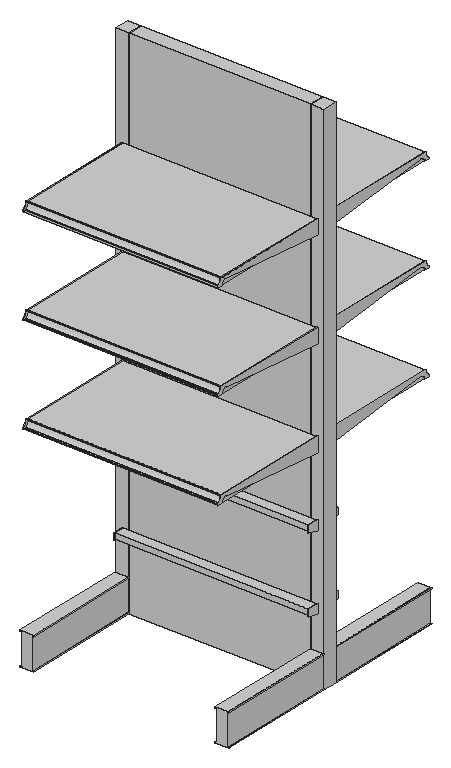
Revit family "MS1", category Specialty Equipment, Revit 2012
Parameters (values of type "Maxi Integrated Pallet System Starter (Default)")
  Width = 3' - 0"
  URL = "http://madixinc.com/display/maxiline/core.html"
  Model = "Maxi Line"
  Manufacturer = "© 2012 Madix, Inc. All rights reserved."
  "Front" Shelf 3' - 6" [instance] = yes
  "Front" Shelf 5' [instance] = yes
  "Front" Shelf 6' - 6" [instance] = yes
  "Back" Base Shoes [instance] = yes
  "Back" Shelf 3' - 6" [instance] = yes
  "Front" Shelf Depth = 1' - 10"
  "Back" Shelf 5' [instance] = yes
  "Back" Shelf Depth = 1' - 10"
  Upright Height = 8' - 0"
  "Back" Shelf 6' - 6" [instance] = yes
Reference planes (in)
  plane 1 "Center (Front/Back)": y = 0
  plane 2: z = 0
  plane 3 "Center (Left/Right)": x = 0
  plane 4: y = 1.375
  plane 5: y = -1.375
  plane 6: z = 96
  plane 7: z = 0
  plane 8 "1st shelf": z = 23.5
  plane 9 "2nd shelf": z = 41.5
  plane 10 "3rd shelf": z = 59.5
  plane 11 "4th shelf": z = 77.5
  plane 12: y = -24.25
  plane 13: x = -18
  plane 14: x = 18
  plane 15: x = -17.875
  plane 16: x = 17.875
  plane 17: z = 41.5
  plane 18: y = 24.25
  plane 19: y = 23.375
  plane 20: y = -23.375
  plane 21: z = 13.83333
  plane 22: z = 27.66667
Forms (in)
  Extrusion 1, solid, material "Metal - Steel"
    sketch origin (-24, 1.375, 0) x (1, 0, 0) y (0, 0, 1)
      loop
        line (6, 0) -> (7.25, 0) -> (42, 0) -> (43.25, 0) -> (43.25, 96) -> (40.75, 96) -> (40.75, 0.03125) -> (40.71924, 0.03125) -> (40.71924, 96) -> (7.2815, 96) -> (7.2815, 0.03125) -> (7.25, 0.03125) -> (7.25, 96) -> (4.75, 96) -> (4.75, 0) -> (6, 0)
    from 0 to 2.75
  Extrusion 2, solid, material "Metal - Steel", visible <- ""Front" Shelf 3' - 6""
    sketch origin (0, 0, 18) x (0, 1, 0) y (0, 0, 1)
      loop
        line (-1.375, 23.5) -> (-23.5, 23.5) -> (-23.625, 23.5)
        arc (-23.625, 23.5) -> (-23.83033, 22.87796) -> (-24.25, 22.375) r 1.75
        line (-24.25, 22.375) -> (-24.25, 22.125) -> (-23.375, 22.125) -> (-23.375, 22.375) -> (-22.625, 23) -> (-22.375, 23) -> (-22.375, 22.875) -> (-1.375, 20.75) -> (-1.375, 23.5)
      loop
        circle (-20.375, 23) r 0.125
      loop
        circle (-2.5, 23) r 0.125
    from -17.875 to -18
  Extrusion 3, solid, material "Metal - Steel", visible <- ""Front" Shelf 3' - 6""
    sketch origin (0, 0, 18) x (0, 1, 0) y (0, 0, 1)
      loop
        line (-23.5, 23.5) -> (-23.5, 23.375) -> (-23.375, 23.375)
        arc (-23.375, 23.375) -> (-23.58033, 22.75296) -> (-24, 22.25) r 1.75
        line (-24, 22.25) -> (-24, 22.375) -> (-24.25, 22.375) -> (-24.25, 22.125) -> (-23.375, 22.125) -> (-1.375, 22.125) -> (-1.375, 23.5) -> (-23.5, 23.5)
    from -17.875 to 17.875
  Extrusion 4, solid, material "Metal - Steel", visible <- ""Front" Shelf 3' - 6""
    sketch origin (0, 0, 18) x (0, 1, 0) y (0, 0, -1)
      loop
        line (-1.375, -23.5) -> (-1.375, -20.75) -> (-22.375, -22.875) -> (-22.375, -23) -> (-22.625, -23) -> (-23.375, -22.375) -> (-23.375, -22.125) -> (-24.25, -22.125) -> (-24.25, -22.375)
        arc (-24.25, -22.375) -> (-23.83033, -22.87796) -> (-23.625, -23.5) r 1.75
        line (-23.625, -23.5) -> (-23.5, -23.5) -> (-1.375, -23.5)
      loop
        circle (-20.375, -23) r 0.125
      loop
        circle (-2.5, -23) r 0.125
    from -18 to -17.875
  Extrusion 5, solid, material "Metal - Steel", visible <- ""Front" Shelf 5'"
    sketch origin (0, 0, 36) x (0, 1, 0) y (0, 0, 1)
      loop
        line (-1.375, 23.5) -> (-23.5, 23.5) -> (-23.625, 23.5)
        arc (-23.625, 23.5) -> (-23.83033, 22.87796) -> (-24.25, 22.375) r 1.75
        line (-24.25, 22.375) -> (-24.25, 22.125) -> (-23.375, 22.125) -> (-23.375, 22.375) -> (-22.625, 23) -> (-22.375, 23) -> (-22.375, 22.875) -> (-1.375, 20.75) -> (-1.375, 23.5)
      loop
        circle (-20.375, 23) r 0.125
      loop
        circle (-2.5, 23) r 0.125
    from -18 to -17.875
  Extrusion 6, solid, material "Metal - Steel", visible <- ""Front" Shelf 5'"
    sketch origin (0, 0, 36) x (0, 1, 0) y (0, 0, 1)
      loop
        line (-23.5, 23.5) -> (-23.5, 23.375) -> (-23.375, 23.375)
        arc (-23.375, 23.375) -> (-23.58033, 22.75296) -> (-24, 22.25) r 1.75
        line (-24, 22.25) -> (-24, 22.375) -> (-24.25, 22.375) -> (-24.25, 22.125) -> (-23.375, 22.125) -> (-1.375, 22.125) -> (-1.375, 23.5) -> (-23.5, 23.5)
    from -17.875 to 17.875
  Extrusion 7, solid, material "Metal - Steel", visible <- ""Front" Shelf 5'"
    sketch origin (0, 0, 36) x (0, 1, 0) y (0, 0, -1)
      loop
        line (-1.375, -23.5) -> (-1.375, -20.75) -> (-22.375, -22.875) -> (-22.375, -23) -> (-22.625, -23) -> (-23.375, -22.375) -> (-23.375, -22.125) -> (-24.25, -22.125) -> (-24.25, -22.375)
        arc (-24.25, -22.375) -> (-23.83033, -22.87796) -> (-23.625, -23.5) r 1.75
        line (-23.625, -23.5) -> (-23.5, -23.5) -> (-1.375, -23.5)
      loop
        circle (-20.375, -23) r 0.125
      loop
        circle (-2.5, -23) r 0.125
    from -18 to -17.875
  Extrusion 8, solid, material "Metal - Steel", visible <- ""Front" Shelf 6' - 6""
    sketch origin (0, 0, 54) x (0, 1, 0) y (0, 0, 1)
      loop
        line (-1.375, 23.5) -> (-23.5, 23.5) -> (-23.625, 23.5)
        arc (-23.625, 23.5) -> (-23.83033, 22.87796) -> (-24.25, 22.375) r 1.75
        line (-24.25, 22.375) -> (-24.25, 22.125) -> (-23.375, 22.125) -> (-23.375, 22.375) -> (-22.625, 23) -> (-22.375, 23) -> (-22.375, 22.875) -> (-1.375, 20.75) -> (-1.375, 23.5)
      loop
        circle (-20.375, 23) r 0.125
      loop
        circle (-2.5, 23) r 0.125
    from -18 to -17.875
  Extrusion 9, solid, material "Metal - Steel", visible <- ""Front" Shelf 6' - 6""
    sketch origin (0, 0, 54) x (0, 1, 0) y (0, 0, 1)
      loop
        line (-23.5, 23.5) -> (-23.5, 23.375) -> (-23.375, 23.375)
        arc (-23.375, 23.375) -> (-23.58033, 22.75296) -> (-24, 22.25) r 1.75
        line (-24, 22.25) -> (-24, 22.375) -> (-24.25, 22.375) -> (-24.25, 22.125) -> (-23.375, 22.125) -> (-1.375, 22.125) -> (-1.375, 23.5) -> (-23.5, 23.5)
    from -17.875 to 17.875
  Extrusion 10, solid, material "Metal - Steel", visible <- ""Front" Shelf 6' - 6""
    sketch origin (0, 0, 54) x (0, 1, 0) y (0, 0, -1)
      loop
        line (-1.375, -23.5) -> (-1.375, -20.75) -> (-22.375, -22.875) -> (-22.375, -23) -> (-22.625, -23) -> (-23.375, -22.375) -> (-23.375, -22.125) -> (-24.25, -22.125) -> (-24.25, -22.375)
        arc (-24.25, -22.375) -> (-23.83033, -22.87796) -> (-23.625, -23.5) r 1.75
        line (-23.625, -23.5) -> (-23.5, -23.5) -> (-1.375, -23.5)
      loop
        circle (-20.375, -23) r 0.125
      loop
        circle (-2.5, -23) r 0.125
    from -18 to -17.875
  Extrusion 11, solid, material "Metal - Steel", visible <- ""Back" Shelf 3' - 6""
    sketch origin (0, 0, 18) x (0, -1, 0) y (0, 0, -1)
      loop
        line (-1.375, -23.5) -> (-1.375, -20.75) -> (-22.375, -22.875) -> (-22.375, -23) -> (-22.625, -23) -> (-23.375, -22.375) -> (-23.375, -22.125) -> (-24.25, -22.125) -> (-24.25, -22.375)
        arc (-24.25, -22.375) -> (-23.83033, -22.87796) -> (-23.625, -23.5) r 1.75
        line (-23.625, -23.5) -> (-23.5, -23.5) -> (-1.375, -23.5)
      loop
        circle (-20.375, -23) r 0.125
      loop
        circle (-2.5, -23) r 0.125
    from -18 to -17.875
  Extrusion 12, solid, material "Metal - Steel", visible <- ""Back" Shelf 3' - 6""
    sketch origin (0, 0, 18) x (0, -1, 0) y (0, 0, -1)
      loop
        line (-23.5, -23.5) -> (-1.375, -23.5) -> (-1.375, -22.125) -> (-23.375, -22.125) -> (-24.25, -22.125) -> (-24.25, -22.375) -> (-24, -22.375) -> (-24, -22.25)
        arc (-24, -22.25) -> (-23.58033, -22.75296) -> (-23.375, -23.375) r 1.75
        line (-23.375, -23.375) -> (-23.5, -23.375) -> (-23.5, -23.5)
    from -17.875 to 17.875
  Extrusion 13, solid, material "Metal - Steel", visible <- ""Back" Shelf 3' - 6""
    sketch origin (0, 0, 18) x (0, -1, 0) y (0, 0, 1)
      loop
        line (-1.375, 23.5) -> (-23.5, 23.5) -> (-23.625, 23.5)
        arc (-23.625, 23.5) -> (-23.83033, 22.87796) -> (-24.25, 22.375) r 1.75
        line (-24.25, 22.375) -> (-24.25, 22.125) -> (-23.375, 22.125) -> (-23.375, 22.375) -> (-22.625, 23) -> (-22.375, 23) -> (-22.375, 22.875) -> (-1.375, 20.75) -> (-1.375, 23.5)
      loop
        circle (-20.375, 23) r 0.125
      loop
        circle (-2.5, 23) r 0.125
    from -18 to -17.875
  Extrusion 14, solid, material "Metal - Steel", visible <- ""Back" Shelf 5'"
    sketch origin (0, 0, 36) x (0, -1, 0) y (0, 0, -1)
      loop
        line (-1.375, -23.5) -> (-1.375, -20.75) -> (-22.375, -22.875) -> (-22.375, -23) -> (-22.625, -23) -> (-23.375, -22.375) -> (-23.375, -22.125) -> (-24.25, -22.125) -> (-24.25, -22.375)
        arc (-24.25, -22.375) -> (-23.83033, -22.87796) -> (-23.625, -23.5) r 1.75
        line (-23.625, -23.5) -> (-23.5, -23.5) -> (-1.375, -23.5)
      loop
        circle (-20.375, -23) r 0.125
      loop
        circle (-2.5, -23) r 0.125
    from -18 to -17.875
  Extrusion 15, solid, material "Metal - Steel", visible <- ""Back" Shelf 5'"
    sketch origin (0, 0, 36) x (0, -1, 0) y (0, 0, -1)
      loop
        line (-23.5, -23.5) -> (-1.375, -23.5) -> (-1.375, -22.125) -> (-23.375, -22.125) -> (-24.25, -22.125) -> (-24.25, -22.375) -> (-24, -22.375) -> (-24, -22.25)
        arc (-24, -22.25) -> (-23.58033, -22.75296) -> (-23.375, -23.375) r 1.75
        line (-23.375, -23.375) -> (-23.5, -23.375) -> (-23.5, -23.5)
    from -17.875 to 17.875
  Extrusion 16, solid, material "Metal - Steel", visible <- ""Back" Shelf 5'"
    sketch origin (0, 0, 36) x (0, -1, 0) y (0, 0, 1)
      loop
        line (-1.375, 23.5) -> (-23.5, 23.5) -> (-23.625, 23.5)
        arc (-23.625, 23.5) -> (-23.83033, 22.87796) -> (-24.25, 22.375) r 1.75
        line (-24.25, 22.375) -> (-24.25, 22.125) -> (-23.375, 22.125) -> (-23.375, 22.375) -> (-22.625, 23) -> (-22.375, 23) -> (-22.375, 22.875) -> (-1.375, 20.75) -> (-1.375, 23.5)
      loop
        circle (-20.375, 23) r 0.125
      loop
        circle (-2.5, 23) r 0.125
    from -18 to -17.875
  Extrusion 17, solid, material "Metal - Steel", visible <- ""Back" Shelf 6' - 6""
    sketch origin (0, 0, 54) x (0, -1, 0) y (0, 0, -1)
      loop
        line (-1.375, -23.5) -> (-1.375, -20.75) -> (-22.375, -22.875) -> (-22.375, -23) -> (-22.625, -23) -> (-23.375, -22.375) -> (-23.375, -22.125) -> (-24.25, -22.125) -> (-24.25, -22.375)
        arc (-24.25, -22.375) -> (-23.83033, -22.87796) -> (-23.625, -23.5) r 1.75
        line (-23.625, -23.5) -> (-23.5, -23.5) -> (-1.375, -23.5)
      loop
        circle (-20.375, -23) r 0.125
      loop
        circle (-2.5, -23) r 0.125
    from -18 to -17.875
  Extrusion 18, solid, material "Metal - Steel", visible <- ""Back" Shelf 6' - 6""
    sketch origin (0, 0, 54) x (0, -1, 0) y (0, 0, -1)
      loop
        line (-23.5, -23.5) -> (-1.375, -23.5) -> (-1.375, -22.125) -> (-23.375, -22.125) -> (-24.25, -22.125) -> (-24.25, -22.375) -> (-24, -22.375) -> (-24, -22.25)
        arc (-24, -22.25) -> (-23.58033, -22.75296) -> (-23.375, -23.375) r 1.75
        line (-23.375, -23.375) -> (-23.5, -23.375) -> (-23.5, -23.5)
    from -17.875 to 17.875
  Extrusion 19, solid, material "Metal - Steel", visible <- ""Back" Shelf 6' - 6""
    sketch origin (0, 0, 54) x (0, -1, 0) y (0, 0, 1)
      loop
        line (-1.375, 23.5) -> (-23.5, 23.5) -> (-23.625, 23.5)
        arc (-23.625, 23.5) -> (-23.83033, 22.87796) -> (-24.25, 22.375) r 1.75
        line (-24.25, 22.375) -> (-24.25, 22.125) -> (-23.375, 22.125) -> (-23.375, 22.375) -> (-22.625, 23) -> (-22.375, 23) -> (-22.375, 22.875) -> (-1.375, 20.75) -> (-1.375, 23.5)
      loop
        circle (-20.375, 23) r 0.125
      loop
        circle (-2.5, 23) r 0.125
    from -18 to -17.875
  Extrusion 20, solid, material "Metal - Steel"
    sketch origin (0, 0, 0) x (1, 0, 0) y (0, 0, 1)
      loop
        line (-16.75, 0) -> (-16.75, 0.125) -> (-17, 0.125) -> (-17, 5.875) -> (-16.75, 5.875) -> (-16.75, 6) -> (-19.25, 6) -> (-19.25, 5.875) -> (-19, 5.875) -> (-19, 0.125) -> (-19.25, 0.125) -> (-19.25, 0) -> (-16.75, 0)
    from 1.375 to 23.375
  Extrusion 21, solid, material "Metal - Steel"
    sketch origin (0, 0, 0) x (-1, 0, 0) y (0, 0, -1)
      loop
        line (-16.75, 0) -> (-19.25, 0) -> (-19.25, -0.125) -> (-19, -0.125) -> (-19, -5.875) -> (-19.25, -5.875) -> (-19.25, -6) -> (-16.75, -6) -> (-16.75, -5.875) -> (-17, -5.875) -> (-17, -0.125) -> (-16.75, -0.125) -> (-16.75, 0)
    from 1.375 to 23.375
  Extrusion 22, solid, material "Metal - Steel", visible <- ""Back" Base Shoes"
    sketch origin (0, 0, 0) x (1, 0, 0) y (0, 0, -1)
      loop
        line (-16.75, 0) -> (-19.25, 0) -> (-19.25, -0.125) -> (-19, -0.125) -> (-19, -5.875) -> (-19.25, -5.875) -> (-19.25, -6) -> (-16.75, -6) -> (-16.75, -5.875) -> (-17, -5.875) -> (-17, -0.125) -> (-16.75, -0.125) -> (-16.75, 0)
    from 1.375 to 23.375
  Extrusion 23, solid, material "Metal - Steel", visible <- ""Back" Base Shoes"
    sketch origin (0, 0, 0) x (-1, 0, 0) y (0, 0, 1)
      loop
        line (-16.75, 0) -> (-16.75, 0.125) -> (-17, 0.125) -> (-17, 5.875) -> (-16.75, 5.875) -> (-16.75, 6) -> (-19.25, 6) -> (-19.25, 5.875) -> (-19, 5.875) -> (-19, 0.125) -> (-19.25, 0.125) -> (-19.25, 0) -> (-16.75, 0)
    from 1.375 to 23.375
  Extrusion 24, solid, material "Metal - Steel"
    sketch origin (0, 0, 0) x (0, 1, 0) y (0, 0, 1)
      loop
        line (-1.375, 27.66667) -> (-3.375, 27.66667) -> (-3.375, 26.66667) -> (-1.375, 26.66667) -> (-1.375, 27.66667)
      loop
        line (-1.375, 13.83333) -> (-3.375, 13.83333) -> (-3.375, 12.83333) -> (-1.375, 12.83333) -> (-1.375, 13.83333)
    from -17.875 to 17.875
  Extrusion 25, solid, material "Metal - Steel", visible <- ""Back" Base Shoes"
    sketch origin (0, 0, 0) x (0, -1, 0) y (0, 0, -1)
      loop
        line (-1.375, -27.66667) -> (-1.375, -26.66667) -> (-3.375, -26.66667) -> (-3.375, -27.66667) -> (-1.375, -27.66667)
      loop
        line (-1.375, -13.83333) -> (-1.375, -12.83333) -> (-3.375, -12.83333) -> (-3.375, -13.83333) -> (-1.375, -13.83333)
    from -17.875 to 17.875
  Extrusion 26, solid, material "Metal - Steel"
    sketch origin (0, 0, 0) x (0, 1, 0) y (0, 0, 1)
      loop
        line (-1.375, 27.66667) -> (-3.375, 27.66667) -> (-3.375, 26.41667) -> (-1.375, 25.91667) -> (-1.375, 27.66667)
      loop
        line (-1.375, 13.83333) -> (-3.375, 13.83333) -> (-3.375, 12.58333) -> (-1.375, 12.08333) -> (-1.375, 13.83333)
    from -18 to -17.875
  Extrusion 27, solid, material "Metal - Steel", visible <- ""Back" Base Shoes"
    sketch origin (0, 0, 0) x (0, -1, 0) y (0, 0, -1)
      loop
        line (-1.375, -27.66667) -> (-1.375, -25.91667) -> (-3.375, -26.41667) -> (-3.375, -27.66667) -> (-1.375, -27.66667)
      loop
        line (-1.375, -13.83333) -> (-1.375, -12.08333) -> (-3.375, -12.58333) -> (-3.375, -13.83333) -> (-1.375, -13.83333)
    from -18 to -17.875
  Extrusion 28, solid, material "Metal - Steel", visible <- ""Back" Base Shoes"
    sketch origin (0, 0, 0) x (0, -1, 0) y (0, 0, 1)
      loop
        line (-1.375, 27.66667) -> (-3.375, 27.66667) -> (-3.375, 26.41667) -> (-1.375, 25.91667) -> (-1.375, 27.66667)
      loop
        line (-1.375, 13.83333) -> (-3.375, 13.83333) -> (-3.375, 12.58333) -> (-1.375, 12.08333) -> (-1.375, 13.83333)
    from -18 to -17.875
  Extrusion 29, solid, material "Metal - Steel"
    sketch origin (0, 0, 0) x (0, 1, 0) y (0, 0, -1)
      loop
        line (-1.375, -27.66667) -> (-1.375, -25.91667) -> (-3.375, -26.41667) -> (-3.375, -27.66667) -> (-1.375, -27.66667)
      loop
        line (-1.375, -13.83333) -> (-1.375, -12.08333) -> (-3.375, -12.58333) -> (-3.375, -13.83333) -> (-1.375, -13.83333)
    from -18 to -17.875
Lines and regions (in)
  Split face 1
    outline origin (-24, -1.375, 0) x (1, 0, 0) y (0, 0, 1)
      loop
        line (7.2815, 96) -> (7.2815, 0.03125) -> (40.71924, 0.03125) -> (40.71924, 96)
  Split face 2
    outline origin (-24, 1.375, 0) x (1, 0, 0) y (0, 0, 1)
      loop
        line (40.71924, 96) -> (40.71924, 0.03125) -> (7.2815, 0.03125) -> (7.2815, 96)
  reference lines
    curve 1: line (-16.75, 0, 59.5) -> (16.71875, 0, 59.5)
    curve 2: line (16.71875, 0, 77.5) -> (-16.71875, 0, 77.5)
Dimensions and locks (in)
  "Upright Height": plane 6 to level
  ""Front" Shelf Depth": plane 20 to plane 5
  equal spacing: plane 13, plane 3 "Center (Left/Right)", plane 14
  "Width": plane 13 to plane 14
  locked: plane 13 to plane 15 at 0.125
  locked: plane 16 to plane 14 at 0.125
  ""Back" Shelf Depth": plane 4 to plane 19
  locked: plane 19 to plane 18 at 0.875
  locked: plane 20 to plane 12 at 0.875
  aligned and locked: level to plane 2
  aligned and locked: Extrusion 3 to Extrusion 4
  aligned and locked: Extrusion 6 to Extrusion 7
  aligned and locked: Extrusion 6 to Extrusion 5
  aligned and locked: Extrusion 9 to Extrusion 10
  aligned and locked: Extrusion 9 to Extrusion 8
  aligned and locked: Extrusion 13 to Extrusion 12
  aligned and locked: Extrusion 11 to Extrusion 12
  aligned and locked: plane 15 to Extrusion 11
  aligned and locked: plane 13 to Extrusion 11
  aligned and locked: Extrusion 13 to plane 14
  aligned and locked: Extrusion 13 to plane 16
  aligned and locked: Extrusion 16 to Extrusion 15
  aligned and locked: Extrusion 14 to Extrusion 15
  aligned and locked: Extrusion 16 to plane 16
  aligned and locked: Extrusion 16 to plane 14
  aligned and locked: plane 15 to Extrusion 14
  aligned and locked: plane 13 to Extrusion 14
  aligned and locked: Extrusion 19 to Extrusion 18
  aligned and locked: Extrusion 17 to Extrusion 18
  aligned and locked: plane 13 to Extrusion 17
  aligned and locked: plane 15 to Extrusion 17
  aligned and locked: Extrusion 19 to plane 14
  aligned and locked: Extrusion 19 to plane 16
  aligned and locked: Extrusion 1 to plane 6  (x2)
  aligned and locked: Extrusion 20 to plane 5
  aligned and locked: Extrusion 20 to Extrusion 2
  aligned and locked: Extrusion 21 to plane 5
  aligned and locked: Extrusion 23 to Extrusion 12
  aligned and locked: Extrusion 23 to plane 4
  aligned and locked: Extrusion 22 to plane 4
  aligned and locked: Extrusion 22 to Extrusion 11
  aligned and locked: Extrusion 20 to Extrusion 3
  aligned and locked: Extrusion 3 to Extrusion 21
  aligned and locked: Extrusion 20 to Extrusion 4
  aligned and locked: Extrusion 21 to plane 20
  aligned and locked: Extrusion 22 to plane 19
  aligned and locked: Extrusion 23 to plane 19
  aligned and locked: Extrusion 25 to plane 15
  aligned and locked: Extrusion 25 to plane 16
  aligned and locked: Extrusion 24 to plane 16
  aligned and locked: Extrusion 24 to plane 15
  aligned and locked: plane 13 to Extrusion 27
  aligned and locked: plane 15 to Extrusion 27
  aligned and locked: plane 16 to Extrusion 28
  aligned and locked: Extrusion 28 to plane 14
  aligned and locked: plane 13 to Extrusion 26
  aligned and locked: plane 15 to Extrusion 26
  aligned and locked: plane 16 to Extrusion 29
  aligned and locked: Extrusion 29 to plane 14
  aligned and locked: plane 13 to Extrusion 2
  aligned and locked: Extrusion 2 to plane 15
  aligned and locked: plane 13 to Extrusion 8
  aligned and locked: Extrusion 8 to plane 15
  aligned and locked: plane 13 to Extrusion 5
  aligned and locked: Extrusion 5 to plane 15
  aligned and locked: Extrusion 10 to plane 14
  aligned and locked: plane 16 to Extrusion 10
  aligned and locked: Extrusion 7 to plane 14
  aligned and locked: plane 16 to Extrusion 7
  aligned and locked: Extrusion 4 to plane 14
  aligned and locked: plane 16 to Extrusion 4
  aligned and locked: Extrusion 3 to plane 15
Automatic sketch dimensions
  curve 1 to plane 10 "3rd shelf" = 0' - 0"
  curve 2 to plane 11 "4th shelf" = 0' - 0"
  plane 15 to curve 1 = 0' - 1 1/8"
  plane 15 to curve 2 = 0' - 1 5/32"
  plane 16 to curve 2 = 0' - 1 5/32"
  plane 16 to curve 1 = 0' - 1 5/32"
  Extrusion 1 sketch curve to level = 0' - 0"
  Extrusion 1 sketch curve to plane 6 = 0' - 0"  (x3)
  plane 13 to Extrusion 1 sketch curve = 0' - 0"
  plane 14 to Extrusion 1 sketch curve = 0' - 0"
  plane 13 to Extrusion 1 sketch curve = 0' - 1 1/4"
  plane 15 to Extrusion 1 sketch curve = 0' - 1 1/8"  (x2)
  Extrusion 1 sketch curve to Extrusion 1 sketch curve = 0' - 0.0315"
  plane 16 to Extrusion 1 sketch curve = 0' - 1.15576"
  Extrusion 1 sketch curve to Extrusion 1 sketch curve = 0' - 0.03076"
  Extrusion 1 sketch curve to plane 14 = 0' - 1 1/4"
  level to Extrusion 1 sketch curve = 0' - 0 1/32"  (x2)
  Extrusion 2 sketch curve to plane 12 = 0' - 0"
  Extrusion 2 sketch curve to plane 9 "2nd shelf" = 0' - 0"
  Extrusion 2 sketch curve to plane 20 = 0' - 0"
  Extrusion 2 sketch curve to plane 5 = 0' - 0"
  plane 9 "2nd shelf" to Extrusion 2 sketch curve = 0' - 0.22784"
  Extrusion 2 sketch curve to plane 12 = 0' - 1.11011"
  Extrusion 2 sketch curve to plane 20 = 0' - 0 1/4"
  Extrusion 2 sketch curve to Extrusion 2 sketch curve = 0' - 0 1/8"  (x2)
  plane 20 to Extrusion 2 sketch curve = 0' - 0 3/4"
  Extrusion 2 sketch curve to Extrusion 2 sketch curve = 0' - 0 1/4"  (x2)
  Extrusion 2 sketch curve to plane 9 "2nd shelf" = 0' - 0 1/2"  (x2)
  Extrusion 2 sketch curve to Extrusion 2 sketch curve = 0' - 2"
  plane 5 to Extrusion 2 sketch curve = 0' - 1 1/8"
  Extrusion 2 sketch curve to Extrusion 2 sketch curve = 0' - 0"
  Extrusion 2 sketch curve to Extrusion 2 sketch curve = 0' - 2 1/4"
  Extrusion 2 sketch curve to plane 9 "2nd shelf" = 0' - 0 5/8"
  Extrusion 3 sketch curve to plane 12 = 0' - 0"
  Extrusion 3 sketch curve to plane 9 "2nd shelf" = 0' - 0"
  Extrusion 3 sketch curve to plane 20 = 0' - 0"  (x2)
  Extrusion 3 sketch curve to plane 5 = 0' - 0"
  plane 9 "2nd shelf" to Extrusion 3 sketch curve = 0' - 0.10284"
  Extrusion 3 sketch curve to plane 12 = 0' - 0.86011"
  plane 12 to Extrusion 3 sketch curve = 0' - 0 1/4"
  Extrusion 3 sketch curve to plane 20 = 0' - 0 1/8"
  Extrusion 3 sketch curve to plane 9 "2nd shelf" = 0' - 0 1/8"
  Extrusion 3 sketch curve to Extrusion 3 sketch curve = 0' - 0 1/8"
  Extrusion 3 sketch curve to Extrusion 3 sketch curve = 0' - 0 1/4"
  Extrusion 4 sketch curve to plane 12 = 0' - 0"
  Extrusion 4 sketch curve to plane 9 "2nd shelf" = 0' - 0"
  Extrusion 4 sketch curve to plane 20 = 0' - 0"
  Extrusion 4 sketch curve to plane 5 = 0' - 0"
  plane 9 "2nd shelf" to Extrusion 4 sketch curve = 0' - 0.22784"
  Extrusion 4 sketch curve to plane 12 = 0' - 1.11011"
  Extrusion 4 sketch curve to plane 20 = 0' - 0 1/4"
  Extrusion 4 sketch curve to plane 20 = 0' - 0 1/8"
  plane 20 to Extrusion 4 sketch curve = 0' - 0 3/4"
  Extrusion 4 sketch curve to Extrusion 4 sketch curve = 0' - 0 1/4"  (x2)
  Extrusion 4 sketch curve to plane 9 "2nd shelf" = 0' - 0 1/2"  (x3)
  Extrusion 4 sketch curve to Extrusion 4 sketch curve = 0' - 2"
  plane 5 to Extrusion 4 sketch curve = 0' - 1 1/8"
  Extrusion 4 sketch curve to Extrusion 4 sketch curve = 0' - 0 1/8"
  Extrusion 4 sketch curve to Extrusion 4 sketch curve = 0' - 0"
  Extrusion 4 sketch curve to Extrusion 4 sketch curve = 0' - 2 1/4"
  Extrusion 5 sketch curve to plane 12 = 0' - 0"
  Extrusion 5 sketch curve to plane 10 "3rd shelf" = 0' - 0"
  Extrusion 5 sketch curve to plane 20 = 0' - 0"
  Extrusion 5 sketch curve to plane 5 = 0' - 0"
  plane 10 "3rd shelf" to Extrusion 5 sketch curve = 0' - 0.22784"
  Extrusion 5 sketch curve to plane 12 = 0' - 1.11011"
  Extrusion 5 sketch curve to plane 20 = 0' - 0 1/4"
  Extrusion 5 sketch curve to Extrusion 5 sketch curve = 0' - 0 1/8"  (x2)
  plane 20 to Extrusion 5 sketch curve = 0' - 0 3/4"
  Extrusion 5 sketch curve to Extrusion 5 sketch curve = 0' - 0 1/4"  (x2)
  Extrusion 5 sketch curve to plane 10 "3rd shelf" = 0' - 0 1/2"  (x2)
  Extrusion 5 sketch curve to Extrusion 5 sketch curve = 0' - 2"
  plane 5 to Extrusion 5 sketch curve = 0' - 1 1/8"
  Extrusion 5 sketch curve to Extrusion 5 sketch curve = 0' - 0"
  Extrusion 5 sketch curve to Extrusion 5 sketch curve = 0' - 2 1/4"
  Extrusion 5 sketch curve to plane 10 "3rd shelf" = 0' - 0 5/8"
  Extrusion 6 sketch curve to plane 12 = 0' - 0"
  Extrusion 6 sketch curve to plane 10 "3rd shelf" = 0' - 0"
  Extrusion 6 sketch curve to plane 20 = 0' - 0"  (x2)
  Extrusion 6 sketch curve to plane 5 = 0' - 0"
  plane 10 "3rd shelf" to Extrusion 6 sketch curve = 0' - 0.10284"
  Extrusion 6 sketch curve to plane 12 = 0' - 0.86011"
  plane 12 to Extrusion 6 sketch curve = 0' - 0 1/4"
  Extrusion 6 sketch curve to plane 20 = 0' - 0 1/8"
  Extrusion 6 sketch curve to plane 10 "3rd shelf" = 0' - 0 1/8"
  Extrusion 6 sketch curve to Extrusion 6 sketch curve = 0' - 0 1/8"
  Extrusion 6 sketch curve to Extrusion 6 sketch curve = 0' - 0 1/4"
  Extrusion 7 sketch curve to plane 12 = 0' - 0"
  Extrusion 7 sketch curve to plane 10 "3rd shelf" = 0' - 0"
  Extrusion 7 sketch curve to plane 20 = 0' - 0"
  Extrusion 7 sketch curve to plane 5 = 0' - 0"
  plane 10 "3rd shelf" to Extrusion 7 sketch curve = 0' - 0.22784"
  Extrusion 7 sketch curve to plane 12 = 0' - 1.11011"
  Extrusion 7 sketch curve to plane 20 = 0' - 0 1/4"
  Extrusion 7 sketch curve to Extrusion 7 sketch curve = 0' - 0 1/8"  (x2)
  plane 20 to Extrusion 7 sketch curve = 0' - 0 3/4"
  Extrusion 7 sketch curve to Extrusion 7 sketch curve = 0' - 0 1/4"  (x2)
  Extrusion 7 sketch curve to plane 10 "3rd shelf" = 0' - 0 1/2"  (x3)
  Extrusion 7 sketch curve to Extrusion 7 sketch curve = 0' - 2"
  plane 5 to Extrusion 7 sketch curve = 0' - 1 1/8"
  Extrusion 7 sketch curve to Extrusion 7 sketch curve = 0' - 0"
  Extrusion 7 sketch curve to Extrusion 7 sketch curve = 0' - 2 1/4"
  Extrusion 8 sketch curve to plane 12 = 0' - 0"
  Extrusion 8 sketch curve to plane 11 "4th shelf" = 0' - 0"
  Extrusion 8 sketch curve to plane 20 = 0' - 0"
  Extrusion 8 sketch curve to plane 5 = 0' - 0"
  plane 11 "4th shelf" to Extrusion 8 sketch curve = 0' - 0.22784"
  Extrusion 8 sketch curve to plane 12 = 0' - 1.11011"
  Extrusion 8 sketch curve to plane 20 = 0' - 0 1/4"
  Extrusion 8 sketch curve to Extrusion 8 sketch curve = 0' - 0 1/8"  (x2)
  plane 20 to Extrusion 8 sketch curve = 0' - 0 3/4"
  Extrusion 8 sketch curve to Extrusion 8 sketch curve = 0' - 0 1/4"  (x2)
  Extrusion 8 sketch curve to plane 11 "4th shelf" = 0' - 0 1/2"  (x2)
  Extrusion 8 sketch curve to Extrusion 8 sketch curve = 0' - 2"
  plane 5 to Extrusion 8 sketch curve = 0' - 1 1/8"
  Extrusion 8 sketch curve to Extrusion 8 sketch curve = 0' - 0"
  Extrusion 8 sketch curve to Extrusion 8 sketch curve = 0' - 2 1/4"
  Extrusion 8 sketch curve to plane 11 "4th shelf" = 0' - 0 5/8"
  Extrusion 9 sketch curve to plane 12 = 0' - 0"
  Extrusion 9 sketch curve to plane 11 "4th shelf" = 0' - 0"
  Extrusion 9 sketch curve to plane 20 = 0' - 0"  (x2)
  Extrusion 9 sketch curve to plane 5 = 0' - 0"
  plane 11 "4th shelf" to Extrusion 9 sketch curve = 0' - 0.10284"
  Extrusion 9 sketch curve to plane 12 = 0' - 0.86011"
  plane 12 to Extrusion 9 sketch curve = 0' - 0 1/4"
  Extrusion 9 sketch curve to plane 20 = 0' - 0 1/8"
  Extrusion 9 sketch curve to plane 11 "4th shelf" = 0' - 0 1/8"
  Extrusion 9 sketch curve to Extrusion 9 sketch curve = 0' - 0 1/8"
  Extrusion 9 sketch curve to Extrusion 9 sketch curve = 0' - 0 1/4"
  Extrusion 10 sketch curve to plane 12 = 0' - 0"
  Extrusion 10 sketch curve to plane 11 "4th shelf" = 0' - 0"
  Extrusion 10 sketch curve to plane 20 = 0' - 0"
  Extrusion 10 sketch curve to plane 5 = 0' - 0"
  plane 11 "4th shelf" to Extrusion 10 sketch curve = 0' - 0.22784"
  Extrusion 10 sketch curve to plane 12 = 0' - 1.11011"
  Extrusion 10 sketch curve to plane 20 = 0' - 0 1/4"
  Extrusion 10 sketch curve to Extrusion 10 sketch curve = 0' - 0 1/8"  (x2)
  plane 20 to Extrusion 10 sketch curve = 0' - 0 3/4"
  Extrusion 10 sketch curve to Extrusion 10 sketch curve = 0' - 0 1/4"  (x2)
  Extrusion 10 sketch curve to plane 11 "4th shelf" = 0' - 0 1/2"  (x3)
  Extrusion 10 sketch curve to Extrusion 10 sketch curve = 0' - 2"
  plane 5 to Extrusion 10 sketch curve = 0' - 1 1/8"
  Extrusion 10 sketch curve to Extrusion 10 sketch curve = 0' - 0"
  Extrusion 10 sketch curve to Extrusion 10 sketch curve = 0' - 2 1/4"
  Split face 1 sketch curve to Extrusion 1 = 0' - 0"  (x4)
  Extrusion 1 to Split face 1 sketch curve = 0' - 0"
  Extrusion 11 sketch curve to plane 18 = 0' - 0"
  Extrusion 11 sketch curve to plane 9 "2nd shelf" = 0' - 0"
  Extrusion 11 sketch curve to plane 19 = 0' - 0"
  Extrusion 11 sketch curve to plane 4 = 0' - 0"
  Extrusion 11 sketch curve to plane 9 "2nd shelf" = 0' - 0.22784"
  plane 18 to Extrusion 11 sketch curve = 0' - 1.11011"
  plane 19 to Extrusion 11 sketch curve = 0' - 0 1/4"
  Extrusion 11 sketch curve to Extrusion 11 sketch curve = 0' - 0 1/8"  (x2)
  Extrusion 11 sketch curve to plane 19 = 0' - 0 3/4"
  Extrusion 11 sketch curve to Extrusion 11 sketch curve = 0' - 0 1/4"  (x2)
  plane 9 "2nd shelf" to Extrusion 11 sketch curve = 0' - 0 1/2"  (x2)
  Extrusion 11 sketch curve to Extrusion 11 sketch curve = 0' - 2"
  Extrusion 11 sketch curve to plane 4 = 0' - 1 1/8"
  Extrusion 11 sketch curve to Extrusion 11 sketch curve = 0' - 0"
  Extrusion 11 sketch curve to Extrusion 11 sketch curve = 0' - 2 1/4"
  plane 9 "2nd shelf" to Extrusion 11 sketch curve = 0' - 0 5/8"
  Extrusion 12 sketch curve to plane 18 = 0' - 0"
  Extrusion 12 sketch curve to plane 9 "2nd shelf" = 0' - 0"
  Extrusion 12 sketch curve to plane 19 = 0' - 0"  (x2)
  Extrusion 12 sketch curve to plane 4 = 0' - 0"
  Extrusion 12 sketch curve to plane 9 "2nd shelf" = 0' - 0.10284"
  plane 18 to Extrusion 12 sketch curve = 0' - 0.86011"
  Extrusion 12 sketch curve to plane 18 = 0' - 0 1/4"
  plane 19 to Extrusion 12 sketch curve = 0' - 0 1/8"
  plane 9 "2nd shelf" to Extrusion 12 sketch curve = 0' - 0 1/8"
  Extrusion 12 sketch curve to Extrusion 12 sketch curve = 0' - 0 1/8"
  Extrusion 12 sketch curve to Extrusion 12 sketch curve = 0' - 0 1/4"
  Extrusion 13 sketch curve to plane 18 = 0' - 0"
  Extrusion 13 sketch curve to plane 9 "2nd shelf" = 0' - 0"
  Extrusion 13 sketch curve to plane 19 = 0' - 0"
  Extrusion 13 sketch curve to plane 4 = 0' - 0"
  plane 9 "2nd shelf" to Extrusion 13 sketch curve = 0' - 0.22784"
  Extrusion 13 sketch curve to plane 18 = 0' - 1.11011"
  Extrusion 13 sketch curve to plane 19 = 0' - 0 1/4"
  Extrusion 13 sketch curve to Extrusion 13 sketch curve = 0' - 0 1/8"  (x2)
  plane 19 to Extrusion 13 sketch curve = 0' - 0 3/4"
  Extrusion 13 sketch curve to Extrusion 13 sketch curve = 0' - 0 1/4"  (x2)
  Extrusion 13 sketch curve to plane 9 "2nd shelf" = 0' - 0 1/2"  (x2)
  Extrusion 13 sketch curve to Extrusion 13 sketch curve = 0' - 2"
  plane 4 to Extrusion 13 sketch curve = 0' - 1 1/8"
  Extrusion 13 sketch curve to Extrusion 13 sketch curve = 0' - 0"
  Extrusion 13 sketch curve to Extrusion 13 sketch curve = 0' - 2 1/4"
  Extrusion 13 sketch curve to plane 9 "2nd shelf" = 0' - 0 5/8"
  Extrusion 14 sketch curve to plane 18 = 0' - 0"
  Extrusion 14 sketch curve to plane 10 "3rd shelf" = 0' - 0"
  Extrusion 14 sketch curve to plane 19 = 0' - 0"
  Extrusion 14 sketch curve to plane 4 = 0' - 0"
  Extrusion 14 sketch curve to plane 10 "3rd shelf" = 0' - 0.22784"
  plane 18 to Extrusion 14 sketch curve = 0' - 1.11011"
  plane 19 to Extrusion 14 sketch curve = 0' - 0 1/4"
  Extrusion 14 sketch curve to Extrusion 14 sketch curve = 0' - 0 1/8"  (x2)
  Extrusion 14 sketch curve to plane 19 = 0' - 0 3/4"
  Extrusion 14 sketch curve to Extrusion 14 sketch curve = 0' - 0 1/4"  (x2)
  plane 10 "3rd shelf" to Extrusion 14 sketch curve = 0' - 0 1/2"  (x2)
  Extrusion 14 sketch curve to Extrusion 14 sketch curve = 0' - 2"
  Extrusion 14 sketch curve to plane 4 = 0' - 1 1/8"
  Extrusion 14 sketch curve to Extrusion 14 sketch curve = 0' - 0"
  Extrusion 14 sketch curve to Extrusion 14 sketch curve = 0' - 2 1/4"
  plane 10 "3rd shelf" to Extrusion 14 sketch curve = 0' - 0 5/8"
  Extrusion 15 sketch curve to plane 18 = 0' - 0"
  Extrusion 15 sketch curve to plane 10 "3rd shelf" = 0' - 0"
  Extrusion 15 sketch curve to plane 19 = 0' - 0"  (x2)
  Extrusion 15 sketch curve to plane 4 = 0' - 0"
  Extrusion 15 sketch curve to plane 10 "3rd shelf" = 0' - 0.10284"
  plane 18 to Extrusion 15 sketch curve = 0' - 0.86011"
  Extrusion 15 sketch curve to plane 18 = 0' - 0 1/4"
  plane 19 to Extrusion 15 sketch curve = 0' - 0 1/8"
  plane 10 "3rd shelf" to Extrusion 15 sketch curve = 0' - 0 1/8"
  Extrusion 15 sketch curve to Extrusion 15 sketch curve = 0' - 0 1/8"
  Extrusion 15 sketch curve to Extrusion 15 sketch curve = 0' - 0 1/4"
  Extrusion 16 sketch curve to plane 18 = 0' - 0"
  Extrusion 16 sketch curve to plane 10 "3rd shelf" = 0' - 0"
  Extrusion 16 sketch curve to plane 19 = 0' - 0"
  Extrusion 16 sketch curve to plane 4 = 0' - 0"
  plane 10 "3rd shelf" to Extrusion 16 sketch curve = 0' - 0.22784"
  Extrusion 16 sketch curve to plane 18 = 0' - 1.11011"
  Extrusion 16 sketch curve to plane 19 = 0' - 0 1/4"
  Extrusion 16 sketch curve to Extrusion 16 sketch curve = 0' - 0 1/8"  (x2)
  plane 19 to Extrusion 16 sketch curve = 0' - 0 3/4"
  Extrusion 16 sketch curve to Extrusion 16 sketch curve = 0' - 0 1/4"  (x2)
  Extrusion 16 sketch curve to plane 10 "3rd shelf" = 0' - 0 1/2"  (x2)
  Extrusion 16 sketch curve to Extrusion 16 sketch curve = 0' - 2"
  plane 4 to Extrusion 16 sketch curve = 0' - 1 1/8"
  Extrusion 16 sketch curve to Extrusion 16 sketch curve = 0' - 0"
  Extrusion 16 sketch curve to Extrusion 16 sketch curve = 0' - 2 1/4"
  Extrusion 16 sketch curve to plane 10 "3rd shelf" = 0' - 0 5/8"
  Extrusion 17 sketch curve to plane 18 = 0' - 0"
  Extrusion 17 sketch curve to plane 11 "4th shelf" = 0' - 0"
  Extrusion 17 sketch curve to plane 19 = 0' - 0"
  Extrusion 17 sketch curve to plane 4 = 0' - 0"
  Extrusion 17 sketch curve to plane 11 "4th shelf" = 0' - 0.22784"
  plane 18 to Extrusion 17 sketch curve = 0' - 1.11011"
  plane 19 to Extrusion 17 sketch curve = 0' - 0 1/4"
  Extrusion 17 sketch curve to Extrusion 17 sketch curve = 0' - 0 1/8"  (x2)
  Extrusion 17 sketch curve to plane 19 = 0' - 0 3/4"
  Extrusion 17 sketch curve to Extrusion 17 sketch curve = 0' - 0 1/4"  (x2)
  plane 11 "4th shelf" to Extrusion 17 sketch curve = 0' - 0 1/2"  (x2)
  Extrusion 17 sketch curve to Extrusion 17 sketch curve = 0' - 2"
  Extrusion 17 sketch curve to plane 4 = 0' - 1 1/8"
  Extrusion 17 sketch curve to Extrusion 17 sketch curve = 0' - 0"
  Extrusion 17 sketch curve to Extrusion 17 sketch curve = 0' - 2 1/4"
  plane 11 "4th shelf" to Extrusion 17 sketch curve = 0' - 0 5/8"
  Extrusion 18 sketch curve to plane 18 = 0' - 0"
  Extrusion 18 sketch curve to plane 11 "4th shelf" = 0' - 0"
  Extrusion 18 sketch curve to plane 19 = 0' - 0"  (x2)
  Extrusion 18 sketch curve to plane 4 = 0' - 0"
  Extrusion 18 sketch curve to plane 11 "4th shelf" = 0' - 0.10284"
  plane 18 to Extrusion 18 sketch curve = 0' - 0.86011"
  Extrusion 18 sketch curve to plane 18 = 0' - 0 1/4"
  plane 19 to Extrusion 18 sketch curve = 0' - 0 1/8"
  plane 11 "4th shelf" to Extrusion 18 sketch curve = 0' - 0 1/8"
  Extrusion 18 sketch curve to Extrusion 18 sketch curve = 0' - 0 1/8"
  Extrusion 18 sketch curve to Extrusion 18 sketch curve = 0' - 0 1/4"
  Extrusion 19 sketch curve to plane 18 = 0' - 0"
  Extrusion 19 sketch curve to plane 11 "4th shelf" = 0' - 0"
  Extrusion 19 sketch curve to plane 19 = 0' - 0"
  Extrusion 19 sketch curve to plane 4 = 0' - 0"
  plane 11 "4th shelf" to Extrusion 19 sketch curve = 0' - 0.22784"
  Extrusion 19 sketch curve to plane 18 = 0' - 1.11011"
  Extrusion 19 sketch curve to plane 19 = 0' - 0 1/4"
  Extrusion 19 sketch curve to Extrusion 19 sketch curve = 0' - 0 1/8"  (x2)
  plane 19 to Extrusion 19 sketch curve = 0' - 0 3/4"
  Extrusion 19 sketch curve to Extrusion 19 sketch curve = 0' - 0 1/4"  (x2)
  Extrusion 19 sketch curve to plane 11 "4th shelf" = 0' - 0 1/2"  (x2)
  Extrusion 19 sketch curve to Extrusion 19 sketch curve = 0' - 2"
  plane 4 to Extrusion 19 sketch curve = 0' - 1 1/8"
  Extrusion 19 sketch curve to Extrusion 19 sketch curve = 0' - 0"
  Extrusion 19 sketch curve to Extrusion 19 sketch curve = 0' - 2 1/4"
  Extrusion 19 sketch curve to plane 11 "4th shelf" = 0' - 0 5/8"
  Split face 2 sketch curve to Extrusion 1 = 0' - 0"  (x4)
  Extrusion 1 to Split face 2 sketch curve = 0' - 0"
  Extrusion 20 sketch curve to level = 0' - 0"
  plane 13 to Extrusion 20 sketch curve = 0' - 1 1/4"  (x2)
  Extrusion 20 sketch curve to Extrusion 20 sketch curve = 0' - 0 1/4"  (x3)
  level to Extrusion 20 sketch curve = 0' - 0 1/8"  (x2)
  plane 15 to Extrusion 20 sketch curve = 0' - 0 7/8"
  Extrusion 20 sketch curve to Extrusion 20 sketch curve = 0' - 5 3/4"
  Extrusion 20 sketch curve to Extrusion 20 sketch curve = 0' - 0"
  Extrusion 20 sketch curve to Extrusion 20 sketch curve = 0' - 0 1/8"
  Extrusion 21 sketch curve to level = 0' - 0"
  plane 14 to Extrusion 21 sketch curve = 0' - 1 1/4"  (x2)
  Extrusion 21 sketch curve to Extrusion 21 sketch curve = 0' - 0 1/4"  (x3)
  Extrusion 21 sketch curve to level = 0' - 0 1/8"  (x2)
  Extrusion 21 sketch curve to plane 16 = 0' - 0 7/8"
  Extrusion 21 sketch curve to Extrusion 21 sketch curve = 0' - 5 3/4"
  Extrusion 21 sketch curve to Extrusion 21 sketch curve = 0' - 0"
  Extrusion 21 sketch curve to Extrusion 21 sketch curve = 0' - 0 1/8"
  Extrusion 22 sketch curve to level = 0' - 0"
  plane 13 to Extrusion 22 sketch curve = 0' - 1 1/4"  (x2)
  Extrusion 22 sketch curve to Extrusion 22 sketch curve = 0' - 0 1/4"  (x3)
  level to Extrusion 22 sketch curve = 0' - 0 1/8"  (x2)
  plane 15 to Extrusion 22 sketch curve = 0' - 0 7/8"
  level to Extrusion 22 sketch curve = 0' - 5 7/8"
  Extrusion 22 sketch curve to Extrusion 22 sketch curve = 0' - 0"
  Extrusion 22 sketch curve to Extrusion 22 sketch curve = 0' - 0 1/8"
  Extrusion 23 sketch curve to level = 0' - 0"
  Extrusion 23 sketch curve to plane 14 = 0' - 1 1/4"  (x2)
  Extrusion 23 sketch curve to Extrusion 23 sketch curve = 0' - 0 1/4"  (x3)
  level to Extrusion 23 sketch curve = 0' - 0 1/8"  (x2)
  plane 16 to Extrusion 23 sketch curve = 0' - 0 7/8"
  Extrusion 23 sketch curve to Extrusion 23 sketch curve = 0' - 5 3/4"
  Extrusion 23 sketch curve to Extrusion 23 sketch curve = 0' - 0"
  Extrusion 23 sketch curve to Extrusion 23 sketch curve = 0' - 0 1/8"
  Extrusion 24 sketch curve to plane 22 = 0' - 0"
  Extrusion 24 sketch curve to plane 21 = 0' - 0"
  Extrusion 24 sketch curve to plane 5 = 0' - 0"  (x2)
  Extrusion 24 sketch curve to Extrusion 24 sketch curve = 0' - 2"  (x2)
  Extrusion 24 sketch curve to plane 21 = 0' - 1"
  Extrusion 24 sketch curve to Extrusion 24 sketch curve = 0' - 1"
  Extrusion 25 sketch curve to plane 22 = 0' - 0"
  Extrusion 25 sketch curve to plane 21 = 0' - 0"
  Extrusion 25 sketch curve to plane 4 = 0' - 0"  (x2)
  Extrusion 25 sketch curve to Extrusion 25 sketch curve = 0' - 2"  (x2)
  Extrusion 25 sketch curve to Extrusion 25 sketch curve = 0' - 1"  (x2)
  Extrusion 26 sketch curve to plane 22 = 0' - 0"
  Extrusion 26 sketch curve to plane 21 = 0' - 0"
  Extrusion 26 sketch curve to plane 5 = 0' - 0"  (x2)
  plane 5 to Extrusion 26 sketch curve = 0' - 2"  (x2)
  Extrusion 26 sketch curve to plane 21 = 0' - 1 1/4"
  Extrusion 26 sketch curve to plane 21 = 0' - 1 3/4"
  Extrusion 26 sketch curve to Extrusion 26 sketch curve = 0' - 1 3/4"
  Extrusion 26 sketch curve to Extrusion 26 sketch curve = 0' - 1 1/4"
  Extrusion 27 sketch curve to plane 22 = 0' - 0"
  Extrusion 27 sketch curve to plane 21 = 0' - 0"
  Extrusion 27 sketch curve to plane 4 = 0' - 0"  (x2)
  Extrusion 27 sketch curve to plane 4 = 0' - 2"  (x2)
  Extrusion 27 sketch curve to Extrusion 27 sketch curve = 0' - 1 1/4"  (x2)
  Extrusion 27 sketch curve to Extrusion 27 sketch curve = 0' - 1 3/4"  (x2)
  Extrusion 28 sketch curve to plane 22 = 0' - 0"
  Extrusion 28 sketch curve to plane 21 = 0' - 0"
  Extrusion 28 sketch curve to plane 4 = 0' - 0"  (x2)
  plane 4 to Extrusion 28 sketch curve = 0' - 2"  (x2)
  Extrusion 28 sketch curve to Extrusion 28 sketch curve = 0' - 1 1/4"  (x2)
  Extrusion 28 sketch curve to Extrusion 28 sketch curve = 0' - 1 3/4"  (x2)
  Extrusion 29 sketch curve to plane 22 = 0' - 0"
  Extrusion 29 sketch curve to plane 21 = 0' - 0"
  Extrusion 29 sketch curve to plane 5 = 0' - 0"  (x2)
  plane 5 to Extrusion 29 sketch curve = 0' - 2"  (x2)
  Extrusion 29 sketch curve to Extrusion 29 sketch curve = 0' - 1 1/4"
  Extrusion 29 sketch curve to Extrusion 29 sketch curve = 0' - 1 3/4"
  Extrusion 29 sketch curve to plane 21 = 0' - 1 1/4"
  Extrusion 29 sketch curve to plane 21 = 0' - 1 3/4"
  radius of Extrusion 2 sketch curve = 0' - 0 1/8"  (x2)
  radius of Extrusion 4 sketch curve = 0' - 0 1/8"  (x2)
  radius of Extrusion 5 sketch curve = 0' - 0 1/8"  (x2)
  radius of Extrusion 7 sketch curve = 0' - 0 1/8"  (x2)
  radius of Extrusion 8 sketch curve = 0' - 0 1/8"  (x2)
  radius of Extrusion 10 sketch curve = 0' - 0 1/8"  (x2)
  radius of Extrusion 11 sketch curve = 0' - 0 1/8"  (x2)
  radius of Extrusion 13 sketch curve = 0' - 0 1/8"  (x2)
  radius of Extrusion 14 sketch curve = 0' - 0 1/8"  (x2)
  radius of Extrusion 16 sketch curve = 0' - 0 1/8"  (x2)
  radius of Extrusion 17 sketch curve = 0' - 0 1/8"  (x2)
  radius of Extrusion 19 sketch curve = 0' - 0 1/8"  (x2)
